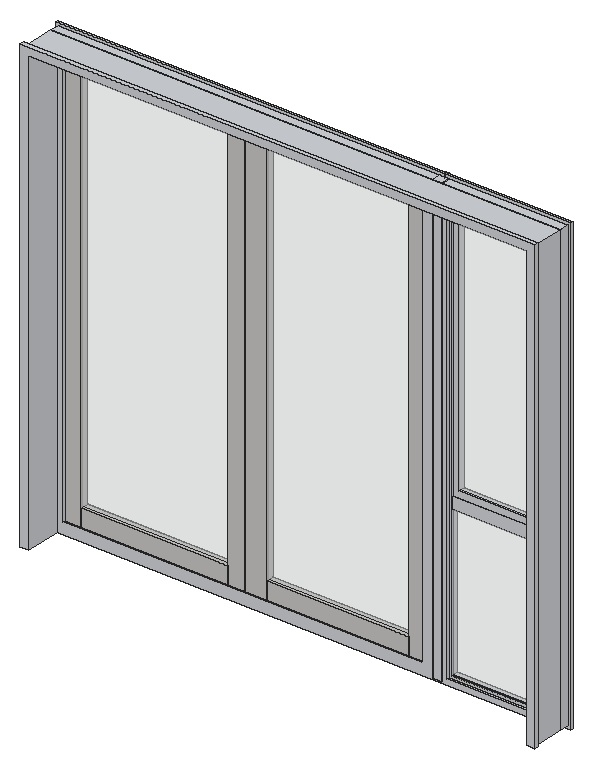
Revit family "APL Residential Thermal Heart French Door with Sidelight", category Doors, host Wall, Revit 2017 (continued)
Definition of nested family "APL Residential Thermal Heart French Door with Sidelight Horizontal Section"
  Definition of nested family "Keeper&Lock Stile"
    Definition of nested family "65220_Rebated Lock Stile"
      Lines and regions (mm)
        model lines, in view "Ref. Level"
          curve 258: line (-43.583, -4.1, 0) -> (-42.663, -4.1, 0)
          curve 259: line (-41.893, -4.368, 0) -> (-40.483, -4.882, 0)
          curve 260: line (-40.081, -4.574, 0) -> (-40.288, -2.208, 0)
          curve 261: line (-40.375, -2.022, 0) -> (-40.739, -1.659, 0)
          curve 262: line (-41.073, -1.748, 0) -> (-41.118, -1.916, 0)
          curve 263: line (-41.118, -1.916, 0) -> (-43.248, -2.59, 0)
          curve 264: line (-43.248, -2.59, 0) -> (-43.48, -2.6, 0)
          curve 265: line (-43.58, -1.853, 0) -> (-43.58, 1.375, 0)
          curve 266: line (-43.58, 1.375, 0) -> (-43.774, 2.15, 0)
          curve 267: line (-43.58, 2.4, 0) -> (-43.059, 2.4, 0)
          curve 268: line (-43.059, 2.4, 0) -> (-41.649, 1.591, 0)
          curve 269: line (-41.08, 1.45, 0) -> (-41.08, 3.026, 0)
          curve 270: line (-41.559, 3.879, 0) -> (-42.172, 4.254, 0)
          curve 271: line (-42.693, 4.4, 0) -> (-43.08, 4.4, 0)
          curve 272: line (-43.58, 4.9, 0) -> (-43.58, 5.8, 0)
          curve 273: line (-45.68, 7.9, 0) -> (-49.6, 7.9, 0)
          curve 274: line (-50.1, 8.4, 0) -> (-50.1, 61.6, 0)
          curve 275: line (-49.6, 62.1, 0) -> (-46.429, 62.1, 0)
          curve 276: line (-45.4, 61.091, 0) -> (-45.4, 55.1, 0)
          curve 277: line (-44.9, 54.6, 0) -> (-42.309, 54.6, 0)
          curve 278: line (-42.049, 54.673, 0) -> (-41.479, 55.021, 0)
          curve 279: line (-41, 55.874, 0) -> (-41, 57.45, 0)
          curve 280: line (-41.569, 57.309, 0) -> (-42.823, 56.544, 0)
          curve 281: line (-42.823, 56.544, 0) -> (-43.5, 56.5, 0)
          curve 282: line (-43.694, 56.75, 0) -> (-43.506, 57.475, 0)
          curve 283: line (-43.506, 57.475, 0) -> (-43.5, 60.753, 0)
          curve 284: line (-43.246, 61.5, 0) -> (-41.179, 60.957, 0)
          curve 285: line (-41.179, 60.957, 0) -> (-40.993, 60.648, 0)
          curve 286: line (-40.659, 60.559, 0) -> (-40.295, 60.922, 0)
          curve 287: line (-40.208, 61.108, 0) -> (-40.001, 63.474, 0)
          curve 288: line (-40.403, 63.782, 0) -> (-41.813, 63.268, 0)
          curve 289: line (-42.583, 63, 0) -> (-44.38, 63, 0)
          curve 290: line (-44.58, 63.2, 0) -> (-44.58, 63.8, 0)
          curve 291: line (-44.78, 64, 0) -> (-49.6, 64, 0)
          curve 292: line (-50.1, 64.5, 0) -> (-50.1, 80, 0)
          curve 293: line (-49.6, 80.5, 0) -> (-47, 80.5, 0)
          curve 294: line (-46.5, 80, 0) -> (-46.5, 75, 0)
          curve 295: line (-46, 74.5, 0) -> (-42.7, 74.5, 0)
          curve 296: line (-42.5, 74.7, 0) -> (-42.5, 76.25, 0)
          curve 297: line (-43.5, 76.25, 0) -> (-43.5, 75.7, 0)
          curve 298: line (-43.7, 75.5, 0) -> (-44.8, 75.5, 0)
          curve 299: line (-45, 75.7, 0) -> (-45, 80.8, 0)
          curve 300: line (-44.8, 81, 0) -> (-43.7, 81, 0)
          curve 301: line (-43.5, 80.8, 0) -> (-43.5, 80.25, 0)
          curve 302: line (-42.5, 80.25, 0) -> (-42.5, 81.5, 0)
          curve 303: line (-43, 82, 0) -> (-51.6, 82, 0)
          curve 304: line (-51.6, 82, 0) -> (-51.6, 82.2, 0)
          curve 305: line (-52, 82.2, 0) -> (-52, 0.2, 0)
      Text (mm)
        text "65220" at (-33.866, 93.768, 0), in view "Ref. Level"
    Definition of nested family "65240_Rebated Keeper Stile"
      Reference planes
        plane 1 "Center (Front/Back)": y = 0
        plane 2: z = 0
        plane 3 "Center (Left/Right)": x = 0
      Lines and regions (mm)
        model lines, in view "Ref. Level"
          curve 1: arc (33.407, 2.352, 0) -> (33.548, 2.493, 0) -> (33.741, 2.441, 0) r 0.2
          curve 2: arc (34.105, 2.078, 0) -> (34.165, 1.992, 0) -> (34.192, 1.892, 0) r 0.3
          curve 3: arc (34.399, -0.474, 0) -> (34.283, -0.738, 0) -> (33.997, -0.782, 0) r 0.3
          curve 4: arc (32.587, -0.268, 0) -> (32.461, -0.181, 0) -> (32.395, -0.043, 0) r 0.3
          curve 5: arc (32.395, -0.043, 0) -> (32.122, 0.199, 0) -> (31.817, 0, 0) r 0.3
          curve 6: arc (6.72, 0, 0) -> (6.579, 0.059, 0) -> (6.52, 0.2, 0) r 0.2
          curve 7: arc (6.52, 9.8, 0) -> (6.461, 9.941, 0) -> (6.32, 10, 0) r 0.2
          curve 8: arc (1.8, 10, 0) -> (1.659, 9.941, 0) -> (1.6, 9.8, 0) r 0.2
          curve 9: arc (1.6, 6.25, 0) -> (1.673, 6.073, 0) -> (1.85, 6, 0) r 0.25
          curve 10: arc (3.8, 6, 0) -> (4.031, 5.846, 0) -> (3.977, 5.573, 0) r 0.25
          curve 11: arc (2.477, 4.073, 0) -> (2.396, 4.019, 0) -> (2.3, 4, 0) r 0.25
          curve 12: arc (0.2, 4, 0) -> (0.059, 4.059, 0) -> (0, 4.2, 0) r 0.2
          curve 13: arc (0, 66.8, 0) -> (0.059, 66.941, 0) -> (0.2, 67, 0) r 0.2
          curve 14: arc (1.665, 66.621, 0) -> (1.729, 66.522, 0) -> (1.725, 66.403, 0) r 0.2
          curve 15: arc (1.725, 66.403, 0) -> (1.621, 66.234, 0) -> (1.453, 66.127, 0) r 0.45
          curve 16: arc (1.453, 66.127, 0) -> (1.357, 66.052, 0) -> (1.322, 65.935, 0) r 0.2
          curve 17: arc (1.421, 61.06, 0) -> (1.721, 60.366, 0) -> (2.42, 60.08, 0) r 1
          curve 18: arc (9.8, 60.08, 0) -> (10.507, 60.373, 0) -> (10.8, 61.08, 0) r 1
          curve 19: arc (10.8, 65.172, 0) -> (10.773, 65.272, 0) -> (10.7, 65.345, 0) r 0.2
          curve 20: arc (9.6, 65.98, 0) -> (9.38, 66.2, 0) -> (9.3, 66.5, 0) r 0.6
          curve 21: arc (9.3, 66.8, 0) -> (9.359, 66.941, 0) -> (9.5, 67, 0) r 0.2
          curve 22: arc (16.503, 67, 0) -> (17.21, 66.707, 0) -> (17.503, 66, 0) r 1
          curve 23: arc (17.503, 60.28, 0) -> (17.561, 60.139, 0) -> (17.703, 60.08, 0) r 0.2
          curve 24: arc (22.803, 60.08, 0) -> (22.944, 60.139, 0) -> (23.003, 60.28, 0) r 0.2
          curve 25: arc (23.003, 66, 0) -> (23.295, 66.707, 0) -> (24.003, 67, 0) r 1
          curve 26: arc (25.817, 67, 0) -> (26.122, 66.801, 0) -> (26.395, 67.043, 0) r 0.3
          curve 27: arc (26.395, 67.043, 0) -> (26.461, 67.181, 0) -> (26.587, 67.268, 0) r 0.3
          curve 28: arc (27.997, 67.782, 0) -> (28.283, 67.738, 0) -> (28.399, 67.474, 0) r 0.3
          curve 29: arc (28.192, 65.108, 0) -> (28.165, 65.008, 0) -> (28.105, 64.922, 0) r 0.3
          curve 30: arc (27.741, 64.559, 0) -> (27.548, 64.507, 0) -> (27.407, 64.648, 0) r 0.2
          curve 31: arc (27.362, 64.816, 0) -> (27.31, 64.905, 0) -> (27.221, 64.957, 0) r 0.2
          curve 32: arc (25, 65.5, 0) -> (24.72, 65.307, 0) -> (24.8, 64.976, 0) r 0.3
          curve 33: arc (24.8, 64.976, 0) -> (24.874, 64.875, 0) -> (24.9, 64.753, 0) r 0.3
          curve 34: arc (24.706, 60.75, 0) -> (24.742, 60.578, 0) -> (24.9, 60.5, 0) r 0.2
          curve 35: arc (25.421, 60.5, 0) -> (25.502, 60.511, 0) -> (25.577, 60.544, 0) r 0.3
          curve 36: arc (26.831, 61.309, 0) -> (26.828, 61.479, 0) -> (26.934, 61.611, 0) r 0.25
          curve 37: arc (27.019, 61.663, 0) -> (27.272, 61.668, 0) -> (27.4, 61.45, 0) r 0.25
          curve 38: arc (27.4, 58.7, 0) -> (27.341, 58.559, 0) -> (27.2, 58.5, 0) r 0.2
          curve 39: arc (16.403, 58.5, 0) -> (16.049, 58.646, 0) -> (15.903, 59, 0) r 0.5
          curve 40: arc (15.903, 65.2, 0) -> (15.844, 65.341, 0) -> (15.703, 65.4, 0) r 0.2
          curve 41: arc (12.6, 65.4, 0) -> (12.459, 65.341, 0) -> (12.4, 65.2, 0) r 0.2
          curve 42: arc (12.4, 61.08, 0) -> (11.638, 59.242, 0) -> (9.8, 58.48, 0) r 2.6
          curve 43: arc (1.8, 58.48, 0) -> (1.659, 58.421, 0) -> (1.6, 58.28, 0) r 0.2
          curve 44: arc (1.6, 12.1, 0) -> (1.746, 11.746, 0) -> (2.1, 11.6, 0) r 0.5
          curve 45: arc (6.317, 11.6, 0) -> (7.449, 11.131, 0) -> (7.917, 10, 0) r 1.6
          curve 46: arc (28, 1.6, 0) -> (28.707, 1.893, 0) -> (29, 2.6, 0) r 1
          curve 47: arc (29, 7.4, 0) -> (29.293, 8.107, 0) -> (30, 8.4, 0) r 1
          curve 48: arc (33.2, 8.4, 0) -> (33.341, 8.341, 0) -> (33.4, 8.2, 0) r 0.2
          curve 49: arc (33.4, 5.551, 0) -> (33.273, 5.332, 0) -> (33.02, 5.337, 0) r 0.25
          curve 50: arc (32.934, 5.389, 0) -> (32.828, 5.521, 0) -> (32.831, 5.691, 0) r 0.25
          curve 51: arc (31.577, 6.456, 0) -> (31.502, 6.489, 0) -> (31.421, 6.5, 0) r 0.3
          curve 52: arc (30.9, 6.5, 0) -> (30.742, 6.422, 0) -> (30.706, 6.25, 0) r 0.2
          curve 53: arc (30.9, 2.247, 0) -> (30.874, 2.125, 0) -> (30.8, 2.024, 0) r 0.3
          curve 54: arc (30.8, 2.024, 0) -> (30.72, 1.693, 0) -> (31, 1.5, 0) r 0.3
          curve 55: line (1.7, 10, 0) -> (6.2, 10, 0)
          curve 56: line (6.2, 10, 0) -> (1.8, 10, 0)
          curve 57: line (33.741, 2.441, 0) -> (34.105, 2.078, 0)
          curve 58: line (34.192, 1.892, 0) -> (34.399, -0.474, 0)
          curve 59: line (33.997, -0.782, 0) -> (32.587, -0.268, 0)
          curve 60: line (31.817, 0, 0) -> (20.4, 0, 0)
          curve 61: line (20.4, 0, 0) -> (20, 0.4, 0)
          curve 62: line (20, 0.4, 0) -> (19.6, 0, 0)
          curve 63: line (19.6, 0, 0) -> (18.4, 0, 0)
          curve 64: line (18.4, 0, 0) -> (18, 0.4, 0)
          curve 65: line (18, 0.4, 0) -> (17.6, 0, 0)
          curve 66: line (17.6, 0, 0) -> (6.72, 0, 0)
          curve 67: line (6.52, 0.2, 0) -> (6.52, 9.8, 0)
          curve 68: line (1.6, 9.8, 0) -> (1.6, 6.25, 0)
          curve 69: line (1.85, 6, 0) -> (3.8, 6, 0)
          curve 70: line (3.977, 5.573, 0) -> (2.477, 4.073, 0)
          curve 71: line (2.3, 4, 0) -> (0.2, 4, 0)
          curve 72: line (0, 4.2, 0) -> (0, 66.8, 0)
          curve 73: line (0.2, 67, 0) -> (1.141, 67, 0)
          curve 74: line (1.141, 67, 0) -> (1.665, 66.621, 0)
          curve 75: line (1.322, 65.935, 0) -> (1.421, 61.06, 0)
          curve 76: line (2.42, 60.08, 0) -> (9.8, 60.08, 0)
          curve 77: line (10.8, 61.08, 0) -> (10.8, 65.172, 0)
          curve 78: line (10.7, 65.345, 0) -> (9.6, 65.98, 0)
          curve 79: line (9.3, 66.5, 0) -> (9.3, 66.8, 0)
          curve 80: line (9.5, 67, 0) -> (16.503, 67, 0)
          curve 81: line (17.503, 66, 0) -> (17.503, 60.28, 0)
          curve 82: line (17.703, 60.08, 0) -> (22.803, 60.08, 0)
          curve 83: line (23.003, 60.28, 0) -> (23.003, 66, 0)
          curve 84: line (24.003, 67, 0) -> (25.817, 67, 0)
          curve 85: line (26.587, 67.268, 0) -> (27.997, 67.782, 0)
          curve 86: line (28.399, 67.474, 0) -> (28.192, 65.108, 0)
          curve 87: line (28.105, 64.922, 0) -> (27.741, 64.559, 0)
          curve 88: line (27.407, 64.648, 0) -> (27.362, 64.816, 0)
          curve 89: line (27.362, 64.816, 0) -> (25.232, 65.49, 0)
          curve 90: line (25.232, 65.49, 0) -> (25, 65.5, 0)
          curve 91: line (24.9, 64.753, 0) -> (24.9, 61.525, 0)
          curve 92: line (24.9, 61.525, 0) -> (24.706, 60.75, 0)
          curve 93: line (24.9, 60.5, 0) -> (25.421, 60.5, 0)
          curve 94: line (25.421, 60.5, 0) -> (26.831, 61.309, 0)
          curve 95: line (27.4, 61.45, 0) -> (27.4, 58.7, 0)
          curve 96: line (27.2, 58.5, 0) -> (20.403, 58.5, 0)
          curve 97: line (20.403, 58.5, 0) -> (20.003, 58.9, 0)
          curve 98: line (20.003, 58.9, 0) -> (19.603, 58.5, 0)
          curve 99: line (19.603, 58.5, 0) -> (16.403, 58.5, 0)
          curve 100: line (15.903, 59, 0) -> (15.903, 65.2, 0)
          curve 101: line (15.703, 65.4, 0) -> (12.6, 65.4, 0)
          curve 102: line (12.4, 65.2, 0) -> (12.4, 61.08, 0)
          curve 103: line (9.8, 58.48, 0) -> (1.8, 58.48, 0)
          curve 104: line (1.6, 58.28, 0) -> (1.6, 12.1, 0)
          curve 105: line (2.1, 11.6, 0) -> (6.317, 11.6, 0)
          curve 106: line (7.917, 10, 0) -> (7.917, 1.6, 0)
          curve 107: line (7.917, 1.6, 0) -> (28, 1.6, 0)
          curve 108: line (29, 2.6, 0) -> (29, 7.4, 0)
          curve 109: line (30, 8.4, 0) -> (33.2, 8.4, 0)
          curve 110: line (33.4, 8.2, 0) -> (33.4, 5.551, 0)
          curve 111: line (32.831, 5.691, 0) -> (31.577, 6.456, 0)
          curve 112: line (31.577, 6.456, 0) -> (30.9, 6.5, 0)
          curve 113: line (30.706, 6.25, 0) -> (30.894, 5.525, 0)
          curve 114: line (30.894, 5.525, 0) -> (30.9, 2.247, 0)
          curve 115: line (31.154, 1.5, 0) -> (33.221, 2.043, 0)
          curve 116: line (33.221, 2.043, 0) -> (33.407, 2.352, 0)
          curve 117: arc (33.221, 2.043, 0) -> (33.31, 2.095, 0) -> (33.362, 2.184, 0) r 0.2
          curve 118: arc (24.9, 61.439, 0) -> (25.017, 61.156, 0) -> (25.3, 61.039, 0) r 0.4
          curve 119: arc (25.593, 61.039, 0) -> (25.696, 61.053, 0) -> (25.793, 61.093, 0) r 0.4
          curve 120: arc (27.321, 61.978, 0) -> (27.611, 62.098, 0) -> (27.922, 62.139, 0) r 1.2
          curve 121: arc (28.845, 62.139, 0) -> (29.418, 62.32, 0) -> (29.784, 62.797, 0) r 1
          curve 122: arc (30.577, 64.976, 0) -> (30.724, 65.167, 0) -> (30.953, 65.239, 0) r 0.4
          curve 123: arc (37.447, 65.239, 0) -> (37.676, 65.167, 0) -> (37.823, 64.976, 0) r 0.4
          curve 124: arc (38.616, 62.797, 0) -> (38.982, 62.32, 0) -> (39.555, 62.139, 0) r 1
          curve 125: arc (40.478, 62.139, 0) -> (40.789, 62.098, 0) -> (41.079, 61.978, 0) r 1.2
          curve 126: arc (42.607, 61.093, 0) -> (42.704, 61.053, 0) -> (42.807, 61.039, 0) r 0.4
          curve 127: arc (43.1, 61.039, 0) -> (43.383, 61.156, 0) -> (43.5, 61.439, 0) r 0.4
          curve 128: arc (43.5, 64.839, 0) -> (43.383, 65.122, 0) -> (43.1, 65.239, 0) r 0.4
          curve 129: arc (42.807, 65.239, 0) -> (42.704, 65.225, 0) -> (42.607, 65.185, 0) r 0.4
          curve 130: arc (41.079, 64.301, 0) -> (40.785, 64.179, 0) -> (40.47, 64.139, 0) r 1.2
          curve 131: arc (40.47, 64.139, 0) -> (40.295, 64.192, 0) -> (40.184, 64.336, 0) r 0.3
          curve 132: arc (39.296, 66.776, 0) -> (39.149, 66.967, 0) -> (38.92, 67.039, 0) r 0.4
          curve 133: arc (29.48, 67.039, 0) -> (29.251, 66.967, 0) -> (29.104, 66.776, 0) r 0.4
          curve 134: arc (28.216, 64.336, 0) -> (28.105, 64.192, 0) -> (27.93, 64.139, 0) r 0.3
          curve 135: arc (27.93, 64.139, 0) -> (27.615, 64.179, 0) -> (27.321, 64.301, 0) r 1.2
          curve 136: arc (25.793, 65.185, 0) -> (25.696, 65.225, 0) -> (25.593, 65.239, 0) r 0.4
          curve 137: arc (25.3, 65.239, 0) -> (25.017, 65.122, 0) -> (24.9, 64.839, 0) r 0.4
          curve 138: line (25.3, 61.039, 0) -> (25.593, 61.039, 0)
          curve 139: line (25.793, 61.093, 0) -> (27.321, 61.978, 0)
          curve 140: line (27.922, 62.139, 0) -> (28.845, 62.139, 0)
          curve 141: line (29.784, 62.797, 0) -> (30.577, 64.976, 0)
          curve 142: line (30.953, 65.239, 0) -> (37.447, 65.239, 0)
          curve 143: line (37.823, 64.976, 0) -> (38.616, 62.797, 0)
          curve 144: line (39.555, 62.139, 0) -> (40.478, 62.139, 0)
          curve 145: line (41.079, 61.978, 0) -> (42.607, 61.093, 0)
          curve 146: line (42.807, 61.039, 0) -> (43.1, 61.039, 0)
          curve 147: line (43.5, 61.439, 0) -> (43.5, 64.839, 0)
          curve 148: line (43.1, 65.239, 0) -> (42.807, 65.239, 0)
          curve 149: line (42.607, 65.185, 0) -> (41.079, 64.301, 0)
          curve 150: line (40.184, 64.336, 0) -> (39.296, 66.776, 0)
          curve 151: line (38.92, 67.039, 0) -> (29.48, 67.039, 0)
          curve 152: line (29.104, 66.776, 0) -> (28.216, 64.336, 0)
          curve 153: line (27.321, 64.301, 0) -> (25.793, 65.185, 0)
          curve 154: line (25.593, 65.239, 0) -> (25.3, 65.239, 0)
          curve 155: line (24.9, 64.839, 0) -> (24.9, 61.439, 0)
          curve 156: arc (30.9, 5.639, 0) -> (31.017, 5.922, 0) -> (31.3, 6.039, 0) r 0.4
          curve 157: arc (31.593, 6.039, 0) -> (31.696, 6.025, 0) -> (31.793, 5.985, 0) r 0.4
          curve 158: arc (33.321, 5.101, 0) -> (33.611, 4.98, 0) -> (33.922, 4.939, 0) r 1.2
          curve 159: arc (34.845, 4.939, 0) -> (35.418, 4.758, 0) -> (35.784, 4.281, 0) r 1
          curve 160: arc (36.577, 2.102, 0) -> (36.724, 1.911, 0) -> (36.953, 1.839, 0) r 0.4
          curve 161: arc (43.447, 1.839, 0) -> (43.676, 1.911, 0) -> (43.823, 2.102, 0) r 0.4
          curve 162: arc (44.616, 4.281, 0) -> (44.982, 4.758, 0) -> (45.555, 4.939, 0) r 1
          curve 163: arc (46.478, 4.939, 0) -> (46.789, 4.98, 0) -> (47.079, 5.101, 0) r 1.2
          curve 164: arc (48.607, 5.985, 0) -> (48.704, 6.025, 0) -> (48.807, 6.039, 0) r 0.4
          curve 165: arc (49.1, 6.039, 0) -> (49.383, 5.922, 0) -> (49.5, 5.639, 0) r 0.4
          curve 166: arc (49.5, 2.242, 0) -> (49.384, 1.957, 0) -> (49.1, 1.839, 0) r 0.4
          curve 167: arc (48.807, 1.839, 0) -> (48.704, 1.853, 0) -> (48.607, 1.893, 0) r 0.4
          curve 168: arc (47.079, 2.778, 0) -> (46.785, 2.899, 0) -> (46.47, 2.939, 0) r 1.2
          curve 169: arc (46.47, 2.939, 0) -> (46.295, 2.886, 0) -> (46.184, 2.742, 0) r 0.3
          curve 170: arc (45.296, 0.302, 0) -> (45.149, 0.111, 0) -> (44.92, 0.039, 0) r 0.4
          curve 171: arc (35.48, 0.039, 0) -> (35.251, 0.111, 0) -> (35.104, 0.302, 0) r 0.4
          curve 172: arc (34.216, 2.742, 0) -> (34.105, 2.886, 0) -> (33.93, 2.939, 0) r 0.3
          curve 173: arc (33.93, 2.939, 0) -> (33.615, 2.899, 0) -> (33.321, 2.778, 0) r 1.2
          curve 174: arc (31.793, 1.893, 0) -> (31.696, 1.853, 0) -> (31.593, 1.839, 0) r 0.4
          curve 175: arc (31.3, 1.839, 0) -> (31.017, 1.956, 0) -> (30.9, 2.239, 0) r 0.4
          curve 176: line (31.3, 6.039, 0) -> (31.593, 6.039, 0)
          curve 177: line (31.793, 5.985, 0) -> (33.321, 5.101, 0)
          curve 178: line (33.922, 4.939, 0) -> (34.845, 4.939, 0)
          curve 179: line (35.784, 4.281, 0) -> (36.577, 2.102, 0)
          curve 180: line (36.953, 1.839, 0) -> (43.447, 1.839, 0)
          curve 181: line (43.823, 2.102, 0) -> (44.616, 4.281, 0)
          curve 182: line (45.555, 4.939, 0) -> (46.478, 4.939, 0)
          curve 183: line (47.079, 5.101, 0) -> (48.607, 5.985, 0)
          curve 184: line (48.807, 6.039, 0) -> (49.1, 6.039, 0)
          curve 185: line (49.5, 5.639, 0) -> (49.5, 2.247, 0)
          curve 186: line (49.1, 1.839, 0) -> (48.807, 1.839, 0)
          curve 187: line (48.607, 1.893, 0) -> (47.079, 2.778, 0)
          curve 188: line (46.184, 2.742, 0) -> (45.296, 0.302, 0)
          curve 189: line (44.92, 0.039, 0) -> (35.48, 0.039, 0)
          curve 190: line (35.104, 0.302, 0) -> (34.216, 2.742, 0)
          curve 191: line (33.321, 2.778, 0) -> (31.793, 1.893, 0)
          curve 192: line (31.593, 1.839, 0) -> (31.3, 1.839, 0)
          curve 193: line (30.9, 2.247, 0) -> (30.9, 5.639, 0)
          curve 194: arc (49.5, 2.247, 0) -> (49.526, 2.125, 0) -> (49.6, 2.024, 0) r 0.3
          curve 195: arc (49.6, 2.024, 0) -> (49.68, 1.693, 0) -> (49.4, 1.5, 0) r 0.3
          curve 196: arc (47.179, 2.043, 0) -> (47.09, 2.095, 0) -> (47.038, 2.184, 0) r 0.2
          curve 197: arc (46.993, 2.352, 0) -> (46.852, 2.493, 0) -> (46.659, 2.441, 0) r 0.2
          curve 198: arc (46.295, 2.078, 0) -> (46.235, 1.992, 0) -> (46.208, 1.892, 0) r 0.3
          curve 199: arc (46.001, -0.474, 0) -> (46.117, -0.738, 0) -> (46.403, -0.782, 0) r 0.3
          curve 200: arc (47.813, -0.268, 0) -> (47.939, -0.181, 0) -> (48.005, -0.043, 0) r 0.3
          curve 201: arc (48.005, -0.043, 0) -> (48.278, 0.199, 0) -> (48.583, 0, 0) r 0.3
          curve 202: arc (50.3, 0, 0) -> (50.441, -0.059, 0) -> (50.5, -0.2, 0) r 0.2
          curve 203: arc (50.5, -17.5, 0) -> (50.646, -17.854, 0) -> (51, -18, 0) r 0.5
          curve 204: arc (51.5, -18, 0) -> (51.854, -17.854, 0) -> (52, -17.5, 0) r 0.5
          curve 205: arc (52, 86.2, 0) -> (51.8, 86.4, 0) -> (51.6, 86.2, 0) r 0.2
          curve 206: arc (43, 86, 0) -> (42.646, 85.854, 0) -> (42.5, 85.5, 0) r 0.5
          curve 207: arc (42.5, 84.25, 0) -> (43, 83.75, 0) -> (43.5, 84.25, 0) r 0.5
          curve 208: arc (43.5, 84.8, 0) -> (43.559, 84.941, 0) -> (43.7, 85, 0) r 0.2
          curve 209: arc (44.8, 85, 0) -> (44.941, 84.941, 0) -> (45, 84.8, 0) r 0.2
          curve 210: arc (45, 79.7, 0) -> (44.941, 79.559, 0) -> (44.8, 79.5, 0) r 0.2
          curve 211: arc (43.7, 79.5, 0) -> (43.559, 79.559, 0) -> (43.5, 79.7, 0) r 0.2
          curve 212: arc (43.5, 80.25, 0) -> (43, 80.75, 0) -> (42.5, 80.25, 0) r 0.5
          curve 213: arc (42.5, 78.7, 0) -> (42.559, 78.559, 0) -> (42.7, 78.5, 0) r 0.2
          curve 214: arc (46, 78.5, 0) -> (46.354, 78.646, 0) -> (46.5, 79, 0) r 0.5
          curve 215: arc (46.5, 84, 0) -> (46.646, 84.354, 0) -> (47, 84.5, 0) r 0.5
          curve 216: arc (49.6, 84.5, 0) -> (49.954, 84.354, 0) -> (50.1, 84, 0) r 0.5
          curve 217: arc (50.1, 68.5, 0) -> (49.954, 68.146, 0) -> (49.6, 68, 0) r 0.5
          curve 218: arc (44.78, 68, 0) -> (44.639, 67.941, 0) -> (44.58, 67.8, 0) r 0.2
          curve 219: arc (44.58, 67.2, 0) -> (44.521, 67.059, 0) -> (44.38, 67, 0) r 0.2
          curve 220: arc (42.583, 67, 0) -> (42.278, 66.801, 0) -> (42.005, 67.043, 0) r 0.3
          curve 221: arc (42.005, 67.043, 0) -> (41.939, 67.181, 0) -> (41.813, 67.268, 0) r 0.3
          curve 222: arc (40.403, 67.782, 0) -> (40.117, 67.738, 0) -> (40.001, 67.474, 0) r 0.3
          curve 223: arc (40.208, 65.108, 0) -> (40.235, 65.008, 0) -> (40.295, 64.922, 0) r 0.3
          curve 224: arc (40.659, 64.559, 0) -> (40.852, 64.507, 0) -> (40.993, 64.648, 0) r 0.2
          curve 225: arc (41.038, 64.816, 0) -> (41.09, 64.905, 0) -> (41.179, 64.957, 0) r 0.2
          curve 226: arc (43.4, 65.5, 0) -> (43.68, 65.307, 0) -> (43.6, 64.976, 0) r 0.3
          curve 227: arc (43.6, 64.976, 0) -> (43.526, 64.875, 0) -> (43.5, 64.753, 0) r 0.3
          curve 228: arc (43.694, 60.75, 0) -> (43.658, 60.578, 0) -> (43.5, 60.5, 0) r 0.2
          curve 229: arc (42.979, 60.5, 0) -> (42.898, 60.511, 0) -> (42.823, 60.544, 0) r 0.3
          curve 230: arc (41.569, 61.309, 0) -> (41.572, 61.479, 0) -> (41.466, 61.611, 0) r 0.25
          curve 231: arc (41.38, 61.663, 0) -> (41.128, 61.668, 0) -> (41, 61.45, 0) r 0.25
          curve 232: arc (41, 59.874, 0) -> (41.128, 59.385, 0) -> (41.479, 59.021, 0) r 1
          curve 233: arc (42.049, 58.673, 0) -> (42.174, 58.619, 0) -> (42.309, 58.6, 0) r 0.5
          curve 234: arc (44.9, 58.6, 0) -> (45.254, 58.746, 0) -> (45.4, 59.1, 0) r 0.5
          curve 235: arc (45.4, 65.091, 0) -> (45.455, 65.318, 0) -> (45.608, 65.496, 0) r 0.5
          curve 236: arc (45.608, 65.496, 0) -> (45.836, 65.687, 0) -> (46.035, 65.908, 0) r 2.1
          curve 237: arc (46.035, 65.908, 0) -> (46.21, 66.049, 0) -> (46.429, 66.1, 0) r 0.5
          curve 238: arc (49.6, 66.1, 0) -> (49.954, 65.954, 0) -> (50.1, 65.6, 0) r 0.5
          curve 239: arc (50.1, 12.4, 0) -> (49.954, 12.046, 0) -> (49.6, 11.9, 0) r 0.5
          curve 240: arc (45.3, 11.9, 0) -> (45.159, 11.841, 0) -> (45.1, 11.7, 0) r 0.2
          curve 241: arc (45.1, 10.1, 0) -> (45.159, 9.959, 0) -> (45.3, 9.9, 0) r 0.2
          curve 242: arc (49.9, 9.9, 0) -> (50.041, 9.841, 0) -> (50.1, 9.7, 0) r 0.2
          curve 243: arc (50.1, 8.7, 0) -> (50.041, 8.559, 0) -> (49.9, 8.5, 0) r 0.2
          curve 244: arc (48.613, 8.5, 0) -> (48.343, 8.463, 0) -> (48.092, 8.354, 0) r 1
          curve 245: arc (47.479, 7.979, 0) -> (47.128, 7.615, 0) -> (47, 7.126, 0) r 1
          curve 246: arc (47, 5.55, 0) -> (47.128, 5.332, 0) -> (47.38, 5.337, 0) r 0.25
          curve 247: arc (47.466, 5.389, 0) -> (47.572, 5.521, 0) -> (47.569, 5.691, 0) r 0.25
          curve 248: arc (48.823, 6.456, 0) -> (48.898, 6.489, 0) -> (48.979, 6.5, 0) r 0.3
          curve 249: arc (49.5, 6.5, 0) -> (49.658, 6.422, 0) -> (49.694, 6.25, 0) r 0.2
          curve 250: line (49.246, 1.5, 0) -> (47.179, 2.043, 0)
          curve 251: line (47.179, 2.043, 0) -> (46.993, 2.352, 0)
          curve 252: line (46.659, 2.441, 0) -> (46.295, 2.078, 0)
          curve 253: line (46.208, 1.892, 0) -> (46.001, -0.474, 0)
          curve 254: line (46.403, -0.782, 0) -> (47.813, -0.268, 0)
          curve 255: line (48.583, 0, 0) -> (50.3, 0, 0)
          curve 256: line (50.5, -0.2, 0) -> (50.5, -17.5, 0)
          curve 257: line (51, -18, 0) -> (51.5, -18, 0)
          curve 258: line (52, -17.5, 0) -> (52, 86.2, 0)
          curve 259: line (51.6, 86.2, 0) -> (51.6, 86, 0)
          curve 260: line (51.6, 86, 0) -> (43, 86, 0)
          curve 261: line (42.5, 85.5, 0) -> (42.5, 84.25, 0)
          curve 262: line (43.5, 84.25, 0) -> (43.5, 84.8, 0)
          curve 263: line (43.7, 85, 0) -> (44.8, 85, 0)
          curve 264: line (45, 84.8, 0) -> (45, 79.7, 0)
          curve 265: line (44.8, 79.5, 0) -> (43.7, 79.5, 0)
          curve 266: line (43.5, 79.7, 0) -> (43.5, 80.25, 0)
          curve 267: line (42.5, 80.25, 0) -> (42.5, 78.7, 0)
          curve 268: line (42.7, 78.5, 0) -> (46, 78.5, 0)
          curve 269: line (46.5, 79, 0) -> (46.5, 84, 0)
          curve 270: line (47, 84.5, 0) -> (49.6, 84.5, 0)
          curve 271: line (50.1, 84, 0) -> (50.1, 68.5, 0)
          curve 272: line (49.6, 68, 0) -> (44.78, 68, 0)
          curve 273: line (44.58, 67.8, 0) -> (44.58, 67.2, 0)
          curve 274: line (44.38, 67, 0) -> (42.583, 67, 0)
          curve 275: line (41.813, 67.268, 0) -> (40.403, 67.782, 0)
          curve 276: line (40.001, 67.474, 0) -> (40.208, 65.108, 0)
          curve 277: line (40.295, 64.922, 0) -> (40.659, 64.559, 0)
          curve 278: line (40.993, 64.648, 0) -> (41.038, 64.816, 0)
          curve 279: line (41.038, 64.816, 0) -> (43.168, 65.49, 0)
          curve 280: line (43.168, 65.49, 0) -> (43.4, 65.5, 0)
          curve 281: line (43.5, 64.753, 0) -> (43.5, 61.525, 0)
          curve 282: line (43.5, 61.525, 0) -> (43.694, 60.75, 0)
          curve 283: line (43.5, 60.5, 0) -> (42.979, 60.5, 0)
          curve 284: line (42.979, 60.5, 0) -> (41.569, 61.309, 0)
          curve 285: line (41, 61.45, 0) -> (41, 59.874, 0)
          curve 286: line (41.479, 59.021, 0) -> (42.049, 58.673, 0)
          curve 287: line (42.309, 58.6, 0) -> (44.9, 58.6, 0)
          curve 288: line (45.4, 59.1, 0) -> (45.4, 65.091, 0)
          curve 289: line (46.429, 66.1, 0) -> (49.6, 66.1, 0)
          curve 290: line (50.1, 65.6, 0) -> (50.1, 12.4, 0)
          curve 291: line (49.6, 11.9, 0) -> (45.3, 11.9, 0)
          curve 292: line (45.1, 11.7, 0) -> (45.1, 10.1, 0)
          curve 293: line (45.3, 9.9, 0) -> (49.9, 9.9, 0)
          curve 294: line (50.1, 9.7, 0) -> (50.1, 8.7, 0)
          curve 295: line (49.9, 8.5, 0) -> (48.613, 8.5, 0)
          curve 296: line (48.092, 8.354, 0) -> (47.479, 7.979, 0)
          curve 297: line (47, 7.126, 0) -> (47, 5.55, 0)
          curve 298: line (47.569, 5.691, 0) -> (48.823, 6.456, 0)
          curve 299: line (48.823, 6.456, 0) -> (49.5, 6.5, 0)
          curve 300: line (49.694, 6.25, 0) -> (49.506, 5.525, 0)
          curve 301: line (49.506, 5.525, 0) -> (49.5, 2.242, 0)
          curve 302: arc (50.1, 68.5, 0) -> (49.954, 68.146, 0) -> (49.6, 68, 0) r 0.5
      Text (mm)
        text "65240" at (12.231, 108.974, 0), in view "Ref. Level"
  Definition of nested family "Frame Sash"
    Reference planes
      plane 1 "Center (Front/Back)": y = 0
      plane 2: z = 0
      plane 3 "Center (Left/Right)": x = 0
    Lines and regions (mm)
      detail lines, in view "Ref. Level"
        curve 1: arc (34.982, 25.356, 0) -> (34.672, 25.496, 0) -> (34.509, 25.197, 0) r 0.25
        curve 2: arc (34.536, 15.309, 0) -> (34.698, 15.009, 0) -> (35.008, 15.149, 0) r 0.25
        curve 3: line (34.509, 25.197, 0) -> (35.503, 21.329, 0)
        curve 4: line (35.503, 21.329, 0) -> (34.5, 20.75, 0)
        curve 5: line (34.5, 20.75, 0) -> (34.5, 19.75, 0)
        curve 6: line (34.5, 19.75, 0) -> (35.525, 19.158, 0)
        curve 7: line (35.525, 19.158, 0) -> (34.536, 15.309, 0)
        curve 8: line (35.008, 15.149, 0) -> (36.732, 19.25, 0)
        curve 9: line (36.732, 19.25, 0) -> (38, 19.25, 0)
        curve 10: line (38, 19.25, 0) -> (38, 18, 0)
        curve 11: line (38, 18, 0) -> (39, 18, 0)
        curve 12: line (39, 18, 0) -> (39, 22.5, 0)
        curve 13: line (39, 22.5, 0) -> (38, 22.5, 0)
        curve 14: line (38, 22.5, 0) -> (38, 21.25, 0)
        curve 15: line (38, 21.25, 0) -> (36.708, 21.25, 0)
        curve 16: line (36.708, 21.25, 0) -> (34.982, 25.356, 0)
      detail lines, in view "Ref. Level", not visible
        curve 17: arc (33.161, -9.933, 0) -> (32.851, -9.793, 0) -> (32.689, -10.092, 0) r 0.25
        curve 18: arc (32.715, -19.98, 0) -> (32.877, -20.279, 0) -> (33.188, -20.139, 0) r 0.25
        curve 19: line (32.689, -10.092, 0) -> (33.683, -13.959, 0)
        curve 20: line (33.683, -13.959, 0) -> (32.679, -14.539, 0)
        curve 21: line (32.679, -14.539, 0) -> (32.679, -15.539, 0)
        curve 22: line (32.679, -15.539, 0) -> (33.705, -16.131, 0)
        curve 23: line (33.705, -16.131, 0) -> (32.715, -19.98, 0)
        curve 24: line (33.188, -20.139, 0) -> (34.912, -16.039, 0)
        curve 25: line (34.912, -16.039, 0) -> (36.179, -16.039, 0)
        curve 26: line (36.179, -16.039, 0) -> (36.179, -17.289, 0)
        curve 27: line (36.179, -17.289, 0) -> (37.179, -17.289, 0)
        curve 28: line (37.179, -17.289, 0) -> (37.179, -12.789, 0)
        curve 29: line (37.179, -12.789, 0) -> (36.179, -12.789, 0)
        curve 30: line (36.179, -12.789, 0) -> (36.179, -14.039, 0)
        curve 31: line (36.179, -14.039, 0) -> (34.887, -14.039, 0)
        curve 32: line (34.887, -14.039, 0) -> (33.161, -9.933, 0)
    Nested families
      nested 1: "65720_Sash" at (-6.3, 14.5, 0), type "65720_Sash", in view "Ref. Level"
      nested 2: "65180_Sidelight Frame" at (36.7, 51.5, 0) x (0, -1, 0) z (0, 0, 1), type "65180_Sidelight Frame", in view "Ref. Level"
    Definition of nested family "65720_Sash"
      Reference planes
        plane 1 "Center (Front/Back)": y = 0
        plane 2: z = 0
        plane 3 "Center (Left/Right)": x = 0
      Lines and regions (mm)
        detail lines, in view "Ref. Level"
          curve 1: arc (-0.482, 17.85, 0) -> (-0.172, 17.71, 0) -> (-0.009, 18.009, 0) r 0.25
          curve 2: arc (-0.036, 27.897, 0) -> (-0.198, 28.196, 0) -> (-0.508, 28.056, 0) r 0.25
          curve 3: line (-0.009, 18.009, 0) -> (-1.003, 21.876, 0)
          curve 4: line (-1.003, 21.876, 0) -> (0, 22.455, 0)
          curve 5: line (0, 22.455, 0) -> (0, 23.455, 0)
          curve 6: line (0, 23.455, 0) -> (-1.025, 24.047, 0)
          curve 7: line (-1.025, 24.047, 0) -> (-0.036, 27.897, 0)
          curve 8: line (-0.508, 28.056, 0) -> (-2.232, 23.955, 0)
          curve 9: line (-2.232, 23.955, 0) -> (-3.5, 23.955, 0)
          curve 10: line (-3.5, 23.955, 0) -> (-3.5, 25.205, 0)
          curve 11: line (-3.5, 25.205, 0) -> (-4.5, 25.205, 0)
          curve 12: line (-4.5, 25.205, 0) -> (-4.5, 20.705, 0)
          curve 13: line (-4.5, 20.705, 0) -> (-3.5, 20.705, 0)
          curve 14: line (-3.5, 20.705, 0) -> (-3.5, 21.955, 0)
          curve 15: line (-3.5, 21.955, 0) -> (-2.208, 21.955, 0)
          curve 16: line (-2.208, 21.955, 0) -> (-0.482, 17.85, 0)
        detail lines, in view "Ref. Level", not visible
          curve 17: arc (33.161, -9.933, 0) -> (32.851, -9.793, 0) -> (32.689, -10.092, 0) r 0.25
          curve 18: arc (32.715, -19.98, 0) -> (32.877, -20.279, 0) -> (33.188, -20.139, 0) r 0.25
          curve 19: line (32.689, -10.092, 0) -> (33.683, -13.959, 0)
          curve 20: line (33.683, -13.959, 0) -> (32.679, -14.539, 0)
          curve 21: line (32.679, -14.539, 0) -> (32.679, -15.539, 0)
          curve 22: line (32.679, -15.539, 0) -> (33.705, -16.131, 0)
          curve 23: line (33.705, -16.131, 0) -> (32.715, -19.98, 0)
          curve 24: line (33.188, -20.139, 0) -> (34.912, -16.039, 0)
          curve 25: line (34.912, -16.039, 0) -> (36.179, -16.039, 0)
          curve 26: line (36.179, -16.039, 0) -> (36.179, -17.289, 0)
          curve 27: line (36.179, -17.289, 0) -> (37.179, -17.289, 0)
          curve 28: line (37.179, -17.289, 0) -> (37.179, -12.789, 0)
          curve 29: line (37.179, -12.789, 0) -> (36.179, -12.789, 0)
          curve 30: line (36.179, -12.789, 0) -> (36.179, -14.039, 0)
          curve 31: line (36.179, -14.039, 0) -> (34.887, -14.039, 0)
          curve 32: line (34.887, -14.039, 0) -> (33.161, -9.933, 0)
        model lines, in view "Ref. Level"
          curve 33: arc (17.915, 0.146, 0) -> (17.978, 0, 0) -> (17.915, -0.146, 0) r 0.2
          curve 34: arc (17.915, -0.146, 0) -> (17.682, -0.477, 0) -> (17.6, -0.874, 0) r 1
          curve 35: arc (17.6, -2.45, 0) -> (17.728, -2.668, 0) -> (17.98, -2.663, 0) r 0.25
          curve 36: arc (18.066, -2.611, 0) -> (18.172, -2.479, 0) -> (18.169, -2.309, 0) r 0.25
          curve 37: arc (19.422, -1.544, 0) -> (19.498, -1.511, 0) -> (19.579, -1.5, 0) r 0.3
          curve 38: arc (20.1, -1.5, 0) -> (20.258, -1.578, 0) -> (20.294, -1.75, 0) r 0.2
          curve 39: arc (20.1, -5.753, 0) -> (20.126, -5.875, 0) -> (20.2, -5.976, 0) r 0.3
          curve 40: arc (20.2, -5.976, 0) -> (20.28, -6.307, 0) -> (20, -6.5, 0) r 0.3
          curve 41: arc (17.779, -5.957, 0) -> (17.69, -5.905, 0) -> (17.638, -5.816, 0) r 0.2
          curve 42: arc (17.593, -5.648, 0) -> (17.452, -5.507, 0) -> (17.259, -5.559, 0) r 0.2
          curve 43: arc (16.895, -5.922, 0) -> (16.835, -6.008, 0) -> (16.808, -6.108, 0) r 0.3
          curve 44: arc (16.601, -8.474, 0) -> (16.717, -8.738, 0) -> (17.003, -8.782, 0) r 0.3
          curve 45: arc (18.413, -8.268, 0) -> (18.539, -8.181, 0) -> (18.605, -8.043, 0) r 0.3
          curve 46: arc (18.605, -8.043, 0) -> (18.878, -7.801, 0) -> (19.183, -8, 0) r 0.3
          curve 47: arc (38.5, -8, 0) -> (38.855, -8.145, 0) -> (39, -8.5, 0) r 0.496
          curve 48: arc (37.5, -13.6, 0) -> (36.793, -13.893, 0) -> (36.5, -14.6, 0) r 1
          curve 49: arc (36.5, -15.098, 0) -> (37, -15.599, 0) -> (37.5, -15.099, 0) r 0.5
          curve 50: arc (39.4, -19.8, 0) -> (39.1, -20.1, 0) -> (39.4, -20.4, 0) r 0.3
          curve 51: arc (37.5, -24.002, 0) -> (37.354, -23.647, 0) -> (37, -23.5, 0) r 0.5
          curve 52: arc (36.001, -23.5, 0) -> (35.859, -23.441, 0) -> (35.8, -23.3, 0) r 0.2
          curve 53: arc (35.8, -23.308, 0) -> (35.697, -23.003, 0) -> (35.429, -22.825, 0) r 0.5
          curve 54: arc (34.552, -22.589, 0) -> (34.378, -22.624, 0) -> (34.3, -22.783, 0) r 0.2
          curve 55: arc (34.52, -24.835, 0) -> (34.588, -24.953, 0) -> (34.717, -25, 0) r 0.2
          curve 56: arc (36, -26.8, 0) -> (36.059, -26.941, 0) -> (36.2, -27, 0) r 0.2
          curve 57: arc (40.6, -27, 0) -> (40.741, -26.941, 0) -> (40.8, -26.8, 0) r 0.2
          curve 58: arc (40.8, 9.2, 0) -> (40.2, 9.801, 0) -> (39.6, 9.2, 0) r 0.6
          curve 59: arc (34.719, 4.17, 0) -> (34.38, 4.303, 0) -> (34.221, 4.63, 0) r 0.5
          curve 60: arc (34.221, 4.63, 0) -> (34.008, 5.519, 0) -> (33.531, 6.299, 0) r 2.93
          curve 61: arc (33.531, 6.299, 0) -> (33.518, 6.54, 0) -> (33.747, 6.618, 0) r 0.2
          curve 62: arc (33.747, 6.618, 0) -> (34.115, 6.712, 0) -> (34.181, 7.087, 0) r 0.35
          curve 63: arc (34.181, 7.087, 0) -> (33.629, 7.751, 0) -> (32.801, 8, 0) r 1.498
          curve 64: arc (19.183, 8, 0) -> (18.878, 7.801, 0) -> (18.605, 8.043, 0) r 0.3
          curve 65: arc (18.605, 8.043, 0) -> (18.539, 8.181, 0) -> (18.413, 8.268, 0) r 0.3
          curve 66: arc (17.003, 8.782, 0) -> (16.717, 8.738, 0) -> (16.601, 8.474, 0) r 0.3
          curve 67: arc (16.808, 6.108, 0) -> (16.835, 6.008, 0) -> (16.895, 5.922, 0) r 0.3
          curve 68: arc (17.259, 5.559, 0) -> (17.452, 5.507, 0) -> (17.593, 5.648, 0) r 0.2
          curve 69: arc (17.638, 5.816, 0) -> (17.69, 5.905, 0) -> (17.779, 5.957, 0) r 0.2
          curve 70: arc (20, 6.5, 0) -> (20.28, 6.307, 0) -> (20.2, 5.976, 0) r 0.3
          curve 71: arc (20.2, 5.976, 0) -> (20.126, 5.875, 0) -> (20.1, 5.753, 0) r 0.3
          curve 72: arc (20.294, 1.75, 0) -> (20.258, 1.578, 0) -> (20.1, 1.5, 0) r 0.2
          curve 73: arc (19.579, 1.5, 0) -> (19.498, 1.511, 0) -> (19.423, 1.544, 0) r 0.3
          curve 74: arc (18.169, 2.309, 0) -> (18.172, 2.479, 0) -> (18.066, 2.611, 0) r 0.25
          curve 75: arc (17.98, 2.663, 0) -> (17.728, 2.668, 0) -> (17.6, 2.45, 0) r 0.25
          curve 76: arc (17.6, 0.874, 0) -> (17.682, 0.477, 0) -> (17.915, 0.146, 0) r 1
          curve 77: arc (28.892, 6.6, 0) -> (29.073, 6.485, 0) -> (29.046, 6.272, 0) r 0.2
          curve 78: arc (29.046, 6.272, 0) -> (28.37, 4.41, 0) -> (29.034, 2.543, 0) r 2.93
          curve 79: arc (29.034, 2.543, 0) -> (30.019, 2.445, 0) -> (30.116, 3.43, 0) r 0.7
          curve 80: arc (30.116, 3.43, 0) -> (29.77, 4.4, 0) -> (30.116, 5.37, 0) r 1.53
          curve 81: arc (30.116, 5.37, 0) -> (30.208, 5.514, 0) -> (30.262, 5.676, 0) r 0.7
          curve 82: arc (30.262, 5.676, 0) -> (30.359, 5.888, 0) -> (30.541, 6.032, 0) r 0.5
          curve 83: arc (30.541, 6.032, 0) -> (31.3, 6.2, 0) -> (32.059, 6.032, 0) r 1.8
          curve 84: arc (32.059, 6.032, 0) -> (32.241, 5.888, 0) -> (32.338, 5.676, 0) r 0.5
          curve 85: arc (32.338, 5.676, 0) -> (32.392, 5.514, 0) -> (32.484, 5.37, 0) r 0.7
          curve 86: arc (32.484, 5.37, 0) -> (32.83, 4.4, 0) -> (32.484, 3.43, 0) r 1.53
          curve 87: arc (32.484, 3.43, 0) -> (32.581, 2.445, 0) -> (33.566, 2.543, 0) r 0.7
          curve 88: arc (33.566, 2.543, 0) -> (33.647, 2.645, 0) -> (33.722, 2.751, 0) r 2.93
          curve 89: arc (33.722, 2.751, 0) -> (33.902, 2.912, 0) -> (34.135, 2.97, 0) r 0.5
          curve 90: arc (38.899, 2.97, 0) -> (39.253, 2.824, 0) -> (39.4, 2.47, 0) r 0.5
          curve 91: arc (39.4, -6.3, 0) -> (39.254, -6.654, 0) -> (38.9, -6.8, 0) r 0.5
          curve 92: arc (22.502, -6.8, 0) -> (22.147, -6.654, 0) -> (22, -6.3, 0) r 0.5
          curve 93: line (17.6, -0.874, 0) -> (17.6, -2.45, 0)
          curve 94: line (18.169, -2.309, 0) -> (19.422, -1.544, 0)
          curve 95: line (19.422, -1.544, 0) -> (20.1, -1.5, 0)
          curve 96: line (20.294, -1.75, 0) -> (20.106, -2.475, 0)
          curve 97: line (20.106, -2.475, 0) -> (20.1, -5.753, 0)
          curve 98: line (19.846, -6.5, 0) -> (17.779, -5.957, 0)
          curve 99: line (17.779, -5.957, 0) -> (17.593, -5.648, 0)
          curve 100: line (17.259, -5.559, 0) -> (16.895, -5.922, 0)
          curve 101: line (16.808, -6.108, 0) -> (16.601, -8.474, 0)
          curve 102: line (17.003, -8.782, 0) -> (18.413, -8.268, 0)
          curve 103: line (19.183, -8, 0) -> (38.5, -8, 0)
          curve 104: line (39, -8.5, 0) -> (39, -13.6, 0)
          curve 105: line (39, -13.6, 0) -> (37.5, -13.6, 0)
          curve 106: line (36.5, -14.6, 0) -> (36.5, -15.098, 0)
          curve 107: line (37.5, -15.099, 0) -> (37.5, -14.6, 0)
          curve 108: line (37.5, -14.6, 0) -> (39.4, -14.6, 0)
          curve 109: line (39.4, -14.6, 0) -> (39.4, -19.8, 0)
          curve 110: line (39.4, -20.4, 0) -> (39.4, -25.6, 0)
          curve 111: line (39.4, -25.6, 0) -> (37.5, -25.6, 0)
          curve 112: line (37.5, -25.6, 0) -> (37.5, -24.002, 0)
          curve 113: line (37, -23.5, 0) -> (36.001, -23.5, 0)
          curve 114: line (35.429, -22.825, 0) -> (34.552, -22.589, 0)
          curve 115: line (34.3, -22.783, 0) -> (34.3, -23.589, 0)
          curve 116: line (34.3, -23.589, 0) -> (34.52, -24.835, 0)
          curve 117: line (34.717, -25, 0) -> (36, -25, 0)
          curve 118: line (36, -25, 0) -> (36, -26.8, 0)
          curve 119: line (36.2, -27, 0) -> (40.6, -27, 0)
          curve 120: line (40.8, -26.8, 0) -> (40.8, 9.2, 0)
          curve 121: line (39.6, 9.2, 0) -> (39.6, 4.17, 0)
          curve 122: line (39.6, 4.17, 0) -> (34.719, 4.17, 0)
          curve 123: line (32.801, 8, 0) -> (24.7, 8, 0)
          curve 124: line (24.7, 8, 0) -> (24.3, 7.6, 0)
          curve 125: line (24.3, 7.6, 0) -> (23.9, 8, 0)
          curve 126: line (23.9, 8, 0) -> (19.183, 8, 0)
          curve 127: line (18.413, 8.268, 0) -> (17.003, 8.782, 0)
          curve 128: line (16.601, 8.474, 0) -> (16.808, 6.108, 0)
          curve 129: line (16.895, 5.922, 0) -> (17.259, 5.559, 0)
          curve 130: line (17.593, 5.648, 0) -> (17.638, 5.816, 0)
          curve 131: line (17.638, 5.816, 0) -> (19.768, 6.49, 0)
          curve 132: line (19.768, 6.49, 0) -> (20, 6.5, 0)
          curve 133: line (20.1, 5.753, 0) -> (20.1, 2.525, 0)
          curve 134: line (20.1, 2.525, 0) -> (20.294, 1.75, 0)
          curve 135: line (20.1, 1.5, 0) -> (19.579, 1.5, 0)
          curve 136: line (19.579, 1.5, 0) -> (18.169, 2.309, 0)
          curve 137: line (17.6, 2.45, 0) -> (17.6, 0.874, 0)
          curve 138: line (22.5, 6.6, 0) -> (28.892, 6.6, 0)
          curve 139: line (34.135, 2.97, 0) -> (38.899, 2.97, 0)
          curve 140: line (39.4, 2.47, 0) -> (39.4, -6.3, 0)
          curve 141: line (38.9, -6.8, 0) -> (22.502, -6.8, 0)
          curve 142: line (22, -6.3, 0) -> (22, 6.1, 0)
          curve 143: arc (22, 6.1, 0) -> (22.146, 6.454, 0) -> (22.5, 6.6, 0) r 0.5
          curve 144: arc (12.714, 14.359, 0) -> (13.138, 14.183, 0) -> (13.314, 13.759, 0) r 0.6
          curve 145: arc (13.633, 5.978, 0) -> (13.937, 5.291, 0) -> (14.633, 5.009, 0) r 1
          curve 146: arc (17.054, 5.009, 0) -> (17.364, 5.05, 0) -> (17.654, 5.17, 0) r 1.2
          curve 147: arc (19.714, 6.209, 0) -> (19.996, 6.092, 0) -> (20.114, 5.809, 0) r 0.4
          curve 148: arc (20.014, 4.834, 0) -> (19.955, 4.693, 0) -> (19.814, 4.634, 0) r 0.2
          curve 149: arc (19.617, 4.653, 0) -> (19.041, 4.615, 0) -> (18.764, 4.109, 0) r 0.6
          curve 150: arc (18.764, 4.109, 0) -> (19.041, 3.603, 0) -> (19.617, 3.565, 0) r 0.6
          curve 151: arc (19.814, 3.584, 0) -> (19.955, 3.525, 0) -> (20.014, 3.384, 0) r 0.2
          curve 152: arc (20.114, 2.409, 0) -> (19.996, 2.126, 0) -> (19.714, 2.009, 0) r 0.4
          curve 153: arc (17.654, 3.048, 0) -> (17.364, 3.168, 0) -> (17.054, 3.209, 0) r 1.2
          curve 154: arc (8.374, 3.209, 0) -> (8.063, 3.168, 0) -> (7.774, 3.048, 0) r 1.2
          curve 155: arc (5.714, 2.009, 0) -> (5.431, 2.126, 0) -> (5.314, 2.409, 0) r 0.4
          curve 156: arc (5.414, 3.384, 0) -> (5.472, 3.525, 0) -> (5.614, 3.584, 0) r 0.2
          curve 157: arc (5.81, 3.565, 0) -> (6.386, 3.603, 0) -> (6.664, 4.109, 0) r 0.6
          curve 158: arc (6.664, 4.109, 0) -> (6.386, 4.615, 0) -> (5.81, 4.653, 0) r 0.6
          curve 159: arc (5.614, 4.634, 0) -> (5.472, 4.693, 0) -> (5.414, 4.834, 0) r 0.2
          curve 160: arc (5.314, 5.809, 0) -> (5.431, 6.092, 0) -> (5.714, 6.209, 0) r 0.4
          curve 161: arc (7.774, 5.17, 0) -> (8.063, 5.05, 0) -> (8.374, 5.009, 0) r 1.2
          curve 162: arc (10.794, 5.009, 0) -> (11.49, 5.291, 0) -> (11.794, 5.978, 0) r 1
          curve 163: line (13.314, 13.759, 0) -> (13.633, 5.978, 0)
          curve 164: line (14.633, 5.009, 0) -> (16.946, 5.009, 0)
          curve 165: line (17.654, 5.17, 0) -> (18.414, 5.609, 0)
          curve 166: line (18.414, 5.609, 0) -> (19.407, 6.182, 0)
          curve 167: line (19.407, 6.182, 0) -> (19.714, 6.209, 0)
          curve 168: line (20.114, 5.809, 0) -> (20.114, 5.309, 0)
          curve 169: line (20.114, 5.309, 0) -> (20.014, 4.834, 0)
          curve 170: line (20.014, 3.384, 0) -> (20.014, 3.009, 0)
          curve 171: line (20.014, 3.009, 0) -> (20.114, 2.409, 0)
          curve 172: line (19.714, 2.009, 0) -> (19.507, 2.009, 0)
          curve 173: line (19.507, 2.009, 0) -> (18.414, 2.609, 0)
          curve 174: line (18.414, 2.609, 0) -> (17.654, 3.048, 0)
          curve 175: line (16.946, 3.209, 0) -> (12.714, 3.209, 0)
          curve 176: line (12.714, 3.209, 0) -> (8.374, 3.209, 0)
          curve 177: line (7.774, 3.048, 0) -> (6.02, 2.036, 0)
          curve 178: line (6.02, 2.036, 0) -> (5.714, 2.009, 0)
          curve 179: line (5.314, 2.409, 0) -> (5.314, 2.909, 0)
          curve 180: line (5.314, 2.909, 0) -> (5.414, 3.384, 0)
          curve 181: line (5.414, 4.834, 0) -> (5.414, 5.209, 0)
          curve 182: line (5.414, 5.209, 0) -> (5.314, 5.809, 0)
          curve 183: line (5.714, 6.209, 0) -> (5.92, 6.209, 0)
          curve 184: line (5.92, 6.209, 0) -> (7.774, 5.17, 0)
          curve 185: line (8.374, 5.009, 0) -> (10.794, 5.009, 0)
          curve 186: line (11.794, 5.978, 0) -> (12.114, 13.768, 0)
          curve 187: arc (12.114, 13.768, 0) -> (12.293, 14.187, 0) -> (12.714, 14.359, 0) r 0.6
          curve 188: arc (5.3, -2.4, 0) -> (5.417, -2.117, 0) -> (5.7, -2, 0) r 0.4
          curve 189: arc (5.993, -2, 0) -> (6.096, -2.014, 0) -> (6.193, -2.054, 0) r 0.4
          curve 190: arc (7.721, -2.939, 0) -> (8.011, -3.059, 0) -> (8.322, -3.1, 0) r 1.2
          curve 191: arc (9.245, -3.1, 0) -> (9.818, -3.281, 0) -> (10.184, -3.758, 0) r 1
          curve 192: arc (10.977, -5.937, 0) -> (11.124, -6.128, 0) -> (11.353, -6.2, 0) r 0.4
          curve 193: arc (14.047, -6.2, 0) -> (14.276, -6.128, 0) -> (14.423, -5.937, 0) r 0.4
          curve 194: arc (15.216, -3.758, 0) -> (15.582, -3.281, 0) -> (16.155, -3.1, 0) r 1
          curve 195: arc (17.078, -3.1, 0) -> (17.389, -3.059, 0) -> (17.679, -2.939, 0) r 1.2
          curve 196: arc (19.207, -2.054, 0) -> (19.304, -2.014, 0) -> (19.407, -2, 0) r 0.4
          curve 197: arc (19.7, -2, 0) -> (19.983, -2.117, 0) -> (20.1, -2.4, 0) r 0.4
          curve 198: arc (20.1, -5.8, 0) -> (19.983, -6.083, 0) -> (19.7, -6.2, 0) r 0.4
          curve 199: arc (19.407, -6.2, 0) -> (19.304, -6.186, 0) -> (19.207, -6.146, 0) r 0.4
          curve 200: arc (17.679, -5.261, 0) -> (17.385, -5.14, 0) -> (17.07, -5.1, 0) r 1.2
          curve 201: arc (17.07, -5.1, 0) -> (16.895, -5.153, 0) -> (16.784, -5.297, 0) r 0.3
          curve 202: arc (15.896, -7.737, 0) -> (15.749, -7.928, 0) -> (15.52, -8, 0) r 0.4
          curve 203: arc (9.88, -8, 0) -> (9.651, -7.928, 0) -> (9.504, -7.737, 0) r 0.4
          curve 204: arc (8.616, -5.297, 0) -> (8.505, -5.153, 0) -> (8.33, -5.1, 0) r 0.3
          curve 205: arc (8.33, -5.1, 0) -> (8.015, -5.14, 0) -> (7.721, -5.261, 0) r 1.2
          curve 206: arc (6.193, -6.146, 0) -> (6.096, -6.186, 0) -> (5.993, -6.2, 0) r 0.4
          curve 207: arc (5.7, -6.2, 0) -> (5.417, -6.083, 0) -> (5.3, -5.8, 0) r 0.4
          curve 208: line (5.7, -2, 0) -> (5.993, -2, 0)
          curve 209: line (6.193, -2.054, 0) -> (7.721, -2.939, 0)
          curve 210: line (8.322, -3.1, 0) -> (9.245, -3.1, 0)
          curve 211: line (10.184, -3.758, 0) -> (10.977, -5.937, 0)
          curve 212: line (11.353, -6.2, 0) -> (14.047, -6.2, 0)
          curve 213: line (14.423, -5.937, 0) -> (15.216, -3.758, 0)
          curve 214: line (16.155, -3.1, 0) -> (17.078, -3.1, 0)
          curve 215: line (17.679, -2.939, 0) -> (19.207, -2.054, 0)
          curve 216: line (19.407, -2, 0) -> (19.7, -2, 0)
          curve 217: line (20.1, -2.4, 0) -> (20.1, -5.8, 0)
          curve 218: line (19.7, -6.2, 0) -> (19.407, -6.2, 0)
          curve 219: line (19.207, -6.146, 0) -> (17.679, -5.261, 0)
          curve 220: line (16.784, -5.297, 0) -> (15.896, -7.737, 0)
          curve 221: line (15.52, -8, 0) -> (9.88, -8, 0)
          curve 222: line (9.504, -7.737, 0) -> (8.616, -5.297, 0)
          curve 223: line (7.721, -5.261, 0) -> (6.193, -6.146, 0)
          curve 224: line (5.993, -6.2, 0) -> (5.7, -6.2, 0)
          curve 225: line (5.3, -5.8, 0) -> (5.3, -2.4, 0)
          curve 226: arc (7.8, -0.874, 0) -> (7.718, -0.477, 0) -> (7.485, -0.146, 0) r 1
          curve 227: arc (7.485, -0.146, 0) -> (7.422, 0, 0) -> (7.485, 0.146, 0) r 0.2
          curve 228: arc (7.485, 0.146, 0) -> (7.718, 0.477, 0) -> (7.8, 0.874, 0) r 1
          curve 229: arc (7.8, 2.449, 0) -> (7.673, 2.668, 0) -> (7.42, 2.663, 0) r 0.25
          curve 230: arc (7.334, 2.611, 0) -> (7.228, 2.479, 0) -> (7.231, 2.309, 0) r 0.25
          curve 231: arc (5.977, 1.544, 0) -> (5.902, 1.511, 0) -> (5.821, 1.5, 0) r 0.3
          curve 232: arc (5.3, 1.5, 0) -> (5.142, 1.578, 0) -> (5.106, 1.75, 0) r 0.2
          curve 233: arc (5.3, 5.753, 0) -> (5.274, 5.875, 0) -> (5.2, 5.976, 0) r 0.3
          curve 234: arc (5.2, 5.976, 0) -> (5.12, 6.307, 0) -> (5.4, 6.5, 0) r 0.3
          curve 235: arc (7.621, 5.957, 0) -> (7.71, 5.905, 0) -> (7.762, 5.816, 0) r 0.2
          curve 236: arc (7.807, 5.648, 0) -> (7.948, 5.507, 0) -> (8.141, 5.559, 0) r 0.2
          curve 237: arc (8.505, 5.922, 0) -> (8.565, 6.008, 0) -> (8.592, 6.108, 0) r 0.3
          curve 238: arc (8.799, 8.474, 0) -> (8.683, 8.738, 0) -> (8.397, 8.782, 0) r 0.3
          curve 239: arc (6.987, 8.268, 0) -> (6.861, 8.181, 0) -> (6.795, 8.043, 0) r 0.3
          curve 240: arc (6.795, 8.043, 0) -> (6.522, 7.801, 0) -> (6.217, 8, 0) r 0.3
          curve 241: arc (-3.3, 8, 0) -> (-4.007, 8.293, 0) -> (-4.3, 9, 0) r 1
          curve 242: arc (-4.3, 18.8, 0) -> (-4.241, 18.941, 0) -> (-4.1, 19, 0) r 0.2
          curve 243: arc (-3.2, 19, 0) -> (-2.493, 19.293, 0) -> (-2.2, 20, 0) r 1
          curve 244: arc (-2.2, 20.751, 0) -> (-2.7, 21.252, 0) -> (-3.2, 20.751, 0) r 0.5
          curve 245: arc (-3.2, 24.751, 0) -> (-2.7, 24.249, 0) -> (-2.2, 24.751, 0) r 0.5
          curve 246: arc (-2.2, 25.501, 0) -> (-2.493, 26.207, 0) -> (-3.199, 26.5, 0) r 0.999
          curve 247: arc (-4.7, 26.5, 0) -> (-5.407, 26.207, 0) -> (-5.7, 25.5, 0) r 1
          curve 248: arc (-5.7, -14.454, 0) -> (-5.548, -15.22, 0) -> (-5.114, -15.869, 0) r 2
          curve 249: arc (5.959, -26.941, 0) -> (6.177, -26.985, 0) -> (6.3, -26.8, 0) r 0.2
          curve 250: arc (6.3, -22.85, 0) -> (6.241, -22.709, 0) -> (6.1, -22.65, 0) r 0.2
          curve 251: arc (5.501, -22.65, 0) -> (5.359, -22.708, 0) -> (5.3, -22.85, 0) r 0.2
          curve 252: arc (5.3, -23.2, 0) -> (5.241, -23.341, 0) -> (5.1, -23.4, 0) r 0.201
          curve 253: arc (4.497, -23.4, 0) -> (4.357, -23.341, 0) -> (4.3, -23.2, 0) r 0.198
          curve 254: arc (4.3, -20.1, 0) -> (4.358, -19.96, 0) -> (4.497, -19.9, 0) r 0.2
          curve 255: arc (5.1, -19.9, 0) -> (5.241, -19.959, 0) -> (5.3, -20.1, 0) r 0.2
          curve 256: arc (5.3, -20.45, 0) -> (5.359, -20.591, 0) -> (5.5, -20.65, 0) r 0.2
          curve 257: arc (6.1, -20.65, 0) -> (6.241, -20.591, 0) -> (6.3, -20.45, 0) r 0.2
          curve 258: arc (6.3, -19.092, 0) -> (6.244, -18.951, 0) -> (6.1, -18.9, 0) r 0.184
          curve 259: arc (6.217, -8, 0) -> (6.522, -7.801, 0) -> (6.795, -8.043, 0) r 0.3
          curve 260: arc (6.795, -8.043, 0) -> (6.861, -8.181, 0) -> (6.987, -8.268, 0) r 0.3
          curve 261: arc (8.397, -8.782, 0) -> (8.683, -8.738, 0) -> (8.799, -8.474, 0) r 0.3
          curve 262: arc (8.592, -6.108, 0) -> (8.565, -6.008, 0) -> (8.505, -5.922, 0) r 0.3
          curve 263: arc (8.141, -5.559, 0) -> (7.948, -5.507, 0) -> (7.807, -5.648, 0) r 0.2
          curve 264: arc (7.762, -5.816, 0) -> (7.71, -5.905, 0) -> (7.621, -5.957, 0) r 0.2
          curve 265: arc (5.4, -6.5, 0) -> (5.12, -6.307, 0) -> (5.2, -5.976, 0) r 0.3
          curve 266: arc (5.2, -5.976, 0) -> (5.274, -5.875, 0) -> (5.3, -5.753, 0) r 0.3
          curve 267: arc (5.106, -1.75, 0) -> (5.142, -1.578, 0) -> (5.3, -1.5, 0) r 0.2
          curve 268: arc (5.82, -1.5, 0) -> (5.902, -1.511, 0) -> (5.977, -1.544, 0) r 0.3
          curve 269: arc (7.231, -2.309, 0) -> (7.228, -2.479, 0) -> (7.334, -2.611, 0) r 0.25
          curve 270: arc (7.42, -2.663, 0) -> (7.672, -2.668, 0) -> (7.8, -2.45, 0) r 0.25
          curve 271: arc (-0.454, 6.272, 0) -> (-0.427, 6.485, 0) -> (-0.608, 6.6, 0) r 0.2
          curve 272: arc (-3.4, 6.6, 0) -> (-4.107, 6.307, 0) -> (-4.4, 5.6, 0) r 1
          curve 273: arc (-4.4, -2.447, 0) -> (-4.254, -2.802, 0) -> (-3.9, -2.949, 0) r 0.5
          curve 274: arc (-2.4, -2.949, 0) -> (-1.693, -3.242, 0) -> (-1.4, -3.949, 0) r 1
          curve 275: arc (-1.4, -4.449, 0) -> (-1.9, -4.949, 0) -> (-2.4, -4.449, 0) r 0.5
          curve 276: arc (-4, -3.949, 0) -> (-4.283, -4.067, 0) -> (-4.4, -4.349, 0) r 0.4
